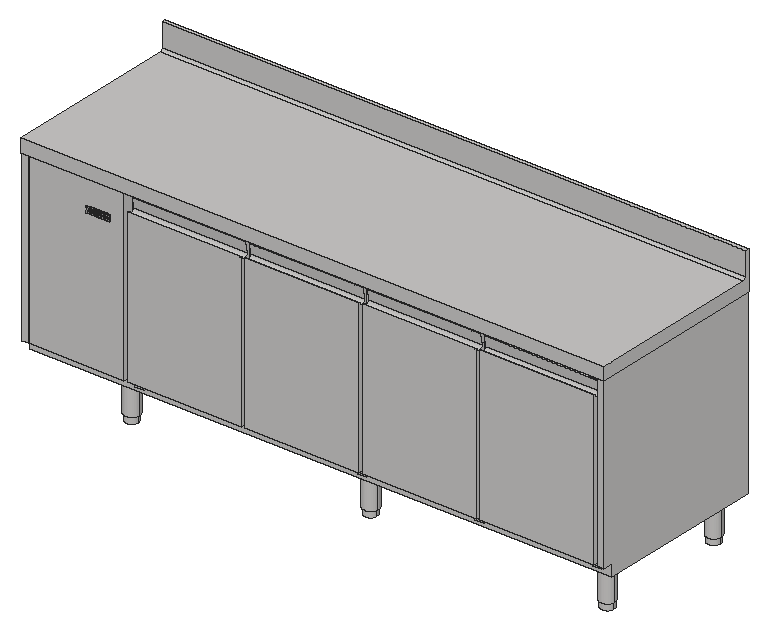
Revit family "QF_ZANUSSI_111054_ZH4H3AAAA", category Specialty Equipment, Revit 2018 (continued)
Definition of nested family "ZAN_Cooling Unit"
  Lines and regions (mm)
    Split face 127
      outline origin (55.016, 2, -269.136) x (0, 0, 1) y (-1, 0, 0)
        loop
          arc (510.649, 158.547) -> (506.648, 162.548) -> (502.647, 158.547) r 4.001
          line (502.647, 158.547) -> (502.647, 116.535)
          arc (502.647, 116.535) -> (506.648, 112.533) -> (510.649, 116.535) r 4.001
          line (510.649, 116.535) -> (510.649, 158.547)
    Split face 128
      outline origin (55.016, 2, -281.14) x (0, 0, 1) y (-1, 0, 0)
        loop
          arc (510.649, 158.547) -> (506.648, 162.548) -> (502.647, 158.547) r 4.001
          line (502.647, 158.547) -> (502.647, 116.535)
          arc (502.647, 116.535) -> (506.648, 112.533) -> (510.649, 116.535) r 4.001
          line (510.649, 116.535) -> (510.649, 158.547)
    Split face 129
      outline origin (55.016, 2, -293.144) x (0, 0, 1) y (-1, 0, 0)
        loop
          arc (510.649, 158.547) -> (506.648, 162.548) -> (502.647, 158.547) r 4.001
          line (502.647, 158.547) -> (502.647, 116.535)
          arc (502.647, 116.535) -> (506.648, 112.533) -> (510.649, 116.535) r 4.001
          line (510.649, 116.535) -> (510.649, 158.547)
    Split face 130
      outline origin (110.032, 2, -113.091) x (0, 0, 1) y (-1, 0, 0)
        loop
          arc (510.649, 158.547) -> (506.648, 162.548) -> (502.647, 158.547) r 4.001
          line (502.647, 158.547) -> (502.647, 116.535)
          arc (502.647, 116.535) -> (506.648, 112.533) -> (510.649, 116.535) r 4.001
          line (510.649, 116.535) -> (510.649, 158.547)
    Split face 131
      outline origin (110.032, 2, -125.094) x (0, 0, 1) y (-1, 0, 0)
        loop
          arc (510.649, 158.547) -> (506.648, 162.548) -> (502.647, 158.547) r 4.001
          line (502.647, 158.547) -> (502.647, 116.535)
          arc (502.647, 116.535) -> (506.648, 112.533) -> (510.649, 116.535) r 4.001
          line (510.649, 116.535) -> (510.649, 158.547)
    Split face 132
      outline origin (110.032, 2, -137.098) x (0, 0, 1) y (-1, 0, 0)
        loop
          arc (510.649, 158.547) -> (506.648, 162.548) -> (502.647, 158.547) r 4.001
          line (502.647, 158.547) -> (502.647, 116.535)
          arc (502.647, 116.535) -> (506.648, 112.533) -> (510.649, 116.535) r 4.001
          line (510.649, 116.535) -> (510.649, 158.547)
    Split face 133
      outline origin (110.032, 2, -149.101) x (0, 0, 1) y (-1, 0, 0)
        loop
          arc (510.649, 158.547) -> (506.648, 162.548) -> (502.647, 158.547) r 4.001
          line (502.647, 158.547) -> (502.647, 116.535)
          arc (502.647, 116.535) -> (506.648, 112.533) -> (510.649, 116.535) r 4.001
          line (510.649, 116.535) -> (510.649, 158.547)
    Split face 134
      outline origin (110.032, 2, -161.105) x (0, 0, 1) y (-1, 0, 0)
        loop
          arc (510.649, 158.547) -> (506.648, 162.548) -> (502.647, 158.547) r 4.001
          line (502.647, 158.547) -> (502.647, 116.535)
          arc (502.647, 116.535) -> (506.648, 112.533) -> (510.649, 116.535) r 4.001
          line (510.649, 116.535) -> (510.649, 158.547)
    Split face 135
      outline origin (110.032, 2, -173.108) x (0, 0, 1) y (-1, 0, 0)
        loop
          arc (510.649, 158.547) -> (506.648, 162.548) -> (502.647, 158.547) r 4.001
          line (502.647, 158.547) -> (502.647, 116.535)
          arc (502.647, 116.535) -> (506.648, 112.533) -> (510.649, 116.535) r 4.001
          line (510.649, 116.535) -> (510.649, 158.547)
    Split face 136
      outline origin (110.032, 2, -185.112) x (0, 0, 1) y (-1, 0, 0)
        loop
          arc (510.649, 158.547) -> (506.648, 162.548) -> (502.647, 158.547) r 4.001
          line (502.647, 158.547) -> (502.647, 116.535)
          arc (502.647, 116.535) -> (506.648, 112.533) -> (510.649, 116.535) r 4.001
          line (510.649, 116.535) -> (510.649, 158.547)
    Split face 137
      outline origin (110.032, 2, -197.115) x (0, 0, 1) y (-1, 0, 0)
        loop
          arc (510.649, 158.547) -> (506.648, 162.548) -> (502.647, 158.547) r 4.001
          line (502.647, 158.547) -> (502.647, 116.535)
          arc (502.647, 116.535) -> (506.648, 112.533) -> (510.649, 116.535) r 4.001
          line (510.649, 116.535) -> (510.649, 158.547)
    Split face 138
      outline origin (110.032, 2, -209.119) x (0, 0, 1) y (-1, 0, 0)
        loop
          arc (510.649, 158.547) -> (506.648, 162.548) -> (502.647, 158.547) r 4.001
          line (502.647, 158.547) -> (502.647, 116.535)
          arc (502.647, 116.535) -> (506.648, 112.533) -> (510.649, 116.535) r 4.001
          line (510.649, 116.535) -> (510.649, 158.547)
    Split face 139
      outline origin (110.032, 2, -221.122) x (0, 0, 1) y (-1, 0, 0)
        loop
          arc (510.649, 158.547) -> (506.648, 162.548) -> (502.647, 158.547) r 4.001
          line (502.647, 158.547) -> (502.647, 116.535)
          arc (502.647, 116.535) -> (506.648, 112.533) -> (510.649, 116.535) r 4.001
          line (510.649, 116.535) -> (510.649, 158.547)
    Split face 140
      outline origin (110.032, 2, -233.126) x (0, 0, 1) y (-1, 0, 0)
        loop
          arc (510.649, 158.547) -> (506.648, 162.548) -> (502.647, 158.547) r 4.001
          line (502.647, 158.547) -> (502.647, 116.535)
          arc (502.647, 116.535) -> (506.648, 112.533) -> (510.649, 116.535) r 4.001
          line (510.649, 116.535) -> (510.649, 158.547)
    Split face 141
      outline origin (110.032, 2, -245.129) x (0, 0, 1) y (-1, 0, 0)
        loop
          arc (510.649, 158.547) -> (506.648, 162.548) -> (502.647, 158.547) r 4.001
          line (502.647, 158.547) -> (502.647, 116.535)
          arc (502.647, 116.535) -> (506.648, 112.533) -> (510.649, 116.535) r 4.001
          line (510.649, 116.535) -> (510.649, 158.547)
    Split face 142
      outline origin (110.032, 2, -257.133) x (0, 0, 1) y (-1, 0, 0)
        loop
          arc (510.649, 158.547) -> (506.648, 162.548) -> (502.647, 158.547) r 4.001
          line (502.647, 158.547) -> (502.647, 116.535)
          arc (502.647, 116.535) -> (506.648, 112.533) -> (510.649, 116.535) r 4.001
          line (510.649, 116.535) -> (510.649, 158.547)
    Split face 143
      outline origin (110.032, 2, -269.136) x (0, 0, 1) y (-1, 0, 0)
        loop
          arc (510.649, 158.547) -> (506.648, 162.548) -> (502.647, 158.547) r 4.001
          line (502.647, 158.547) -> (502.647, 116.535)
          arc (502.647, 116.535) -> (506.648, 112.533) -> (510.649, 116.535) r 4.001
          line (510.649, 116.535) -> (510.649, 158.547)
    Split face 144
      outline origin (110.032, 2, -281.14) x (0, 0, 1) y (-1, 0, 0)
        loop
          arc (510.649, 158.547) -> (506.648, 162.548) -> (502.647, 158.547) r 4.001
          line (502.647, 158.547) -> (502.647, 116.535)
          arc (502.647, 116.535) -> (506.648, 112.533) -> (510.649, 116.535) r 4.001
          line (510.649, 116.535) -> (510.649, 158.547)
    Split face 145
      outline origin (110.032, 2, -293.144) x (0, 0, 1) y (-1, 0, 0)
        loop
          arc (510.649, 158.547) -> (506.648, 162.548) -> (502.647, 158.547) r 4.001
          line (502.647, 158.547) -> (502.647, 116.535)
          arc (502.647, 116.535) -> (506.648, 112.533) -> (510.649, 116.535) r 4.001
          line (510.649, 116.535) -> (510.649, 158.547)
    Split face 146
      outline origin (165.048, 2, -113.091) x (0, 0, 1) y (-1, 0, 0)
        loop
          arc (510.649, 158.547) -> (506.648, 162.548) -> (502.647, 158.547) r 4.001
          line (502.647, 158.547) -> (502.647, 116.535)
          arc (502.647, 116.535) -> (506.648, 112.533) -> (510.649, 116.535) r 4.001
          line (510.649, 116.535) -> (510.649, 158.547)
    Split face 147
      outline origin (165.048, 2, -125.094) x (0, 0, 1) y (-1, 0, 0)
        loop
          arc (510.649, 158.547) -> (506.648, 162.548) -> (502.647, 158.547) r 4.001
          line (502.647, 158.547) -> (502.647, 116.535)
          arc (502.647, 116.535) -> (506.648, 112.533) -> (510.649, 116.535) r 4.001
          line (510.649, 116.535) -> (510.649, 158.547)
    Split face 148
      outline origin (165.048, 2, -137.098) x (0, 0, 1) y (-1, 0, 0)
        loop
          arc (510.649, 158.547) -> (506.648, 162.548) -> (502.647, 158.547) r 4.001
          line (502.647, 158.547) -> (502.647, 116.535)
          arc (502.647, 116.535) -> (506.648, 112.533) -> (510.649, 116.535) r 4.001
          line (510.649, 116.535) -> (510.649, 158.547)
    Split face 149
      outline origin (165.048, 2, -149.101) x (0, 0, 1) y (-1, 0, 0)
        loop
          arc (510.649, 158.547) -> (506.648, 162.548) -> (502.647, 158.547) r 4.001
          line (502.647, 158.547) -> (502.647, 116.535)
          arc (502.647, 116.535) -> (506.648, 112.533) -> (510.649, 116.535) r 4.001
          line (510.649, 116.535) -> (510.649, 158.547)
    Split face 150
      outline origin (165.048, 2, -161.105) x (0, 0, 1) y (-1, 0, 0)
        loop
          arc (510.649, 158.547) -> (506.648, 162.548) -> (502.647, 158.547) r 4.001
          line (502.647, 158.547) -> (502.647, 116.535)
          arc (502.647, 116.535) -> (506.648, 112.533) -> (510.649, 116.535) r 4.001
          line (510.649, 116.535) -> (510.649, 158.547)
    Split face 151
      outline origin (165.048, 2, -173.108) x (0, 0, 1) y (-1, 0, 0)
        loop
          arc (510.649, 158.547) -> (506.648, 162.548) -> (502.647, 158.547) r 4.001
          line (502.647, 158.547) -> (502.647, 116.535)
          arc (502.647, 116.535) -> (506.648, 112.533) -> (510.649, 116.535) r 4.001
          line (510.649, 116.535) -> (510.649, 158.547)
    Split face 152
      outline origin (165.048, 2, -185.112) x (0, 0, 1) y (-1, 0, 0)
        loop
          arc (510.649, 158.547) -> (506.648, 162.548) -> (502.647, 158.547) r 4.001
          line (502.647, 158.547) -> (502.647, 116.535)
          arc (502.647, 116.535) -> (506.648, 112.533) -> (510.649, 116.535) r 4.001
          line (510.649, 116.535) -> (510.649, 158.547)
    Split face 153
      outline origin (165.048, 2, -197.115) x (0, 0, 1) y (-1, 0, 0)
        loop
          arc (510.649, 158.547) -> (506.648, 162.548) -> (502.647, 158.547) r 4.001
          line (502.647, 158.547) -> (502.647, 116.535)
          arc (502.647, 116.535) -> (506.648, 112.533) -> (510.649, 116.535) r 4.001
          line (510.649, 116.535) -> (510.649, 158.547)
    Split face 154
      outline origin (165.048, 2, -209.119) x (0, 0, 1) y (-1, 0, 0)
        loop
          arc (510.649, 158.547) -> (506.648, 162.548) -> (502.647, 158.547) r 4.001
          line (502.647, 158.547) -> (502.647, 116.535)
          arc (502.647, 116.535) -> (506.648, 112.533) -> (510.649, 116.535) r 4.001
          line (510.649, 116.535) -> (510.649, 158.547)
    Split face 155
      outline origin (165.048, 2, -221.122) x (0, 0, 1) y (-1, 0, 0)
        loop
          arc (510.649, 158.547) -> (506.648, 162.548) -> (502.647, 158.547) r 4.001
          line (502.647, 158.547) -> (502.647, 116.535)
          arc (502.647, 116.535) -> (506.648, 112.533) -> (510.649, 116.535) r 4.001
          line (510.649, 116.535) -> (510.649, 158.547)
    Split face 156
      outline origin (165.048, 2, -233.126) x (0, 0, 1) y (-1, 0, 0)
        loop
          arc (510.649, 158.547) -> (506.648, 162.548) -> (502.647, 158.547) r 4.001
          line (502.647, 158.547) -> (502.647, 116.535)
          arc (502.647, 116.535) -> (506.648, 112.533) -> (510.649, 116.535) r 4.001
          line (510.649, 116.535) -> (510.649, 158.547)
    Split face 157
      outline origin (165.048, 2, -245.129) x (0, 0, 1) y (-1, 0, 0)
        loop
          arc (510.649, 158.547) -> (506.648, 162.548) -> (502.647, 158.547) r 4.001
          line (502.647, 158.547) -> (502.647, 116.535)
          arc (502.647, 116.535) -> (506.648, 112.533) -> (510.649, 116.535) r 4.001
          line (510.649, 116.535) -> (510.649, 158.547)
    Split face 158
      outline origin (165.048, 2, -257.133) x (0, 0, 1) y (-1, 0, 0)
        loop
          arc (510.649, 158.547) -> (506.648, 162.548) -> (502.647, 158.547) r 4.001
          line (502.647, 158.547) -> (502.647, 116.535)
          arc (502.647, 116.535) -> (506.648, 112.533) -> (510.649, 116.535) r 4.001
          line (510.649, 116.535) -> (510.649, 158.547)
    Split face 159
      outline origin (165.048, 2, -269.136) x (0, 0, 1) y (-1, 0, 0)
        loop
          arc (510.649, 158.547) -> (506.648, 162.548) -> (502.647, 158.547) r 4.001
          line (502.647, 158.547) -> (502.647, 116.535)
          arc (502.647, 116.535) -> (506.648, 112.533) -> (510.649, 116.535) r 4.001
          line (510.649, 116.535) -> (510.649, 158.547)
    Split face 160
      outline origin (165.048, 2, -281.14) x (0, 0, 1) y (-1, 0, 0)
        loop
          arc (510.649, 158.547) -> (506.648, 162.548) -> (502.647, 158.547) r 4.001
          line (502.647, 158.547) -> (502.647, 116.535)
          arc (502.647, 116.535) -> (506.648, 112.533) -> (510.649, 116.535) r 4.001
          line (510.649, 116.535) -> (510.649, 158.547)
    Split face 161
      outline origin (165.048, 2, -293.144) x (0, 0, 1) y (-1, 0, 0)
        loop
          arc (510.649, 158.547) -> (506.648, 162.548) -> (502.647, 158.547) r 4.001
          line (502.647, 158.547) -> (502.647, 116.535)
          arc (502.647, 116.535) -> (506.648, 112.533) -> (510.649, 116.535) r 4.001
          line (510.649, 116.535) -> (510.649, 158.547)
    Split face 162
      outline origin (220.064, 2, -113.091) x (0, 0, 1) y (-1, 0, 0)
        loop
          arc (510.649, 158.547) -> (506.648, 162.548) -> (502.647, 158.547) r 4.001
          line (502.647, 158.547) -> (502.647, 116.535)
          arc (502.647, 116.535) -> (506.648, 112.533) -> (510.649, 116.535) r 4.001
          line (510.649, 116.535) -> (510.649, 158.547)
    Split face 163
      outline origin (220.064, 2, -125.094) x (0, 0, 1) y (-1, 0, 0)
        loop
          arc (510.649, 158.547) -> (506.648, 162.548) -> (502.647, 158.547) r 4.001
          line (502.647, 158.547) -> (502.647, 116.535)
          arc (502.647, 116.535) -> (506.648, 112.533) -> (510.649, 116.535) r 4.001
          line (510.649, 116.535) -> (510.649, 158.547)
    Split face 164
      outline origin (220.064, 2, -137.098) x (0, 0, 1) y (-1, 0, 0)
        loop
          arc (510.649, 158.547) -> (506.648, 162.548) -> (502.647, 158.547) r 4.001
          line (502.647, 158.547) -> (502.647, 116.535)
          arc (502.647, 116.535) -> (506.648, 112.533) -> (510.649, 116.535) r 4.001
          line (510.649, 116.535) -> (510.649, 158.547)
    Split face 165
      outline origin (220.064, 2, -149.101) x (0, 0, 1) y (-1, 0, 0)
        loop
          arc (510.649, 158.547) -> (506.648, 162.548) -> (502.647, 158.547) r 4.001
          line (502.647, 158.547) -> (502.647, 116.535)
          arc (502.647, 116.535) -> (506.648, 112.533) -> (510.649, 116.535) r 4.001
          line (510.649, 116.535) -> (510.649, 158.547)
    Split face 166
      outline origin (220.064, 2, -161.105) x (0, 0, 1) y (-1, 0, 0)
        loop
          arc (510.649, 158.547) -> (506.648, 162.548) -> (502.647, 158.547) r 4.001
          line (502.647, 158.547) -> (502.647, 116.535)
          arc (502.647, 116.535) -> (506.648, 112.533) -> (510.649, 116.535) r 4.001
          line (510.649, 116.535) -> (510.649, 158.547)
    Split face 167
      outline origin (220.064, 2, -173.108) x (0, 0, 1) y (-1, 0, 0)
        loop
          arc (510.649, 158.547) -> (506.648, 162.548) -> (502.647, 158.547) r 4.001
          line (502.647, 158.547) -> (502.647, 116.535)
          arc (502.647, 116.535) -> (506.648, 112.533) -> (510.649, 116.535) r 4.001
          line (510.649, 116.535) -> (510.649, 158.547)
    Split face 168
      outline origin (220.064, 2, -185.112) x (0, 0, 1) y (-1, 0, 0)
        loop
          arc (510.649, 158.547) -> (506.648, 162.548) -> (502.647, 158.547) r 4.001
          line (502.647, 158.547) -> (502.647, 116.535)
          arc (502.647, 116.535) -> (506.648, 112.533) -> (510.649, 116.535) r 4.001
          line (510.649, 116.535) -> (510.649, 158.547)
    Split face 169
      outline origin (220.064, 2, -197.115) x (0, 0, 1) y (-1, 0, 0)
        loop
          arc (510.649, 158.547) -> (506.648, 162.548) -> (502.647, 158.547) r 4.001
          line (502.647, 158.547) -> (502.647, 116.535)
          arc (502.647, 116.535) -> (506.648, 112.533) -> (510.649, 116.535) r 4.001
          line (510.649, 116.535) -> (510.649, 158.547)
    Split face 170
      outline origin (220.064, 2, -209.119) x (0, 0, 1) y (-1, 0, 0)
        loop
          arc (510.649, 158.547) -> (506.648, 162.548) -> (502.647, 158.547) r 4.001
          line (502.647, 158.547) -> (502.647, 116.535)
          arc (502.647, 116.535) -> (506.648, 112.533) -> (510.649, 116.535) r 4.001
          line (510.649, 116.535) -> (510.649, 158.547)
    Split face 171
      outline origin (220.064, 2, -221.122) x (0, 0, 1) y (-1, 0, 0)
        loop
          arc (510.649, 158.547) -> (506.648, 162.548) -> (502.647, 158.547) r 4.001
          line (502.647, 158.547) -> (502.647, 116.535)
          arc (502.647, 116.535) -> (506.648, 112.533) -> (510.649, 116.535) r 4.001
          line (510.649, 116.535) -> (510.649, 158.547)
    Split face 172
      outline origin (220.064, 2, -233.126) x (0, 0, 1) y (-1, 0, 0)
        loop
          arc (510.649, 158.547) -> (506.648, 162.548) -> (502.647, 158.547) r 4.001
          line (502.647, 158.547) -> (502.647, 116.535)
          arc (502.647, 116.535) -> (506.648, 112.533) -> (510.649, 116.535) r 4.001
          line (510.649, 116.535) -> (510.649, 158.547)
    Split face 173
      outline origin (220.064, 2, -245.129) x (0, 0, 1) y (-1, 0, 0)
        loop
          arc (510.649, 158.547) -> (506.648, 162.548) -> (502.647, 158.547) r 4.001
          line (502.647, 158.547) -> (502.647, 116.535)
          arc (502.647, 116.535) -> (506.648, 112.533) -> (510.649, 116.535) r 4.001
          line (510.649, 116.535) -> (510.649, 158.547)
    Split face 174
      outline origin (220.064, 2, -257.133) x (0, 0, 1) y (-1, 0, 0)
        loop
          arc (510.649, 158.547) -> (506.648, 162.548) -> (502.647, 158.547) r 4.001
          line (502.647, 158.547) -> (502.647, 116.535)
          arc (502.647, 116.535) -> (506.648, 112.533) -> (510.649, 116.535) r 4.001
          line (510.649, 116.535) -> (510.649, 158.547)
    Split face 175
      outline origin (220.064, 2, -269.136) x (0, 0, 1) y (-1, 0, 0)
        loop
          arc (510.649, 158.547) -> (506.648, 162.548) -> (502.647, 158.547) r 4.001
          line (502.647, 158.547) -> (502.647, 116.535)
          arc (502.647, 116.535) -> (506.648, 112.533) -> (510.649, 116.535) r 4.001
          line (510.649, 116.535) -> (510.649, 158.547)
    Split face 176
      outline origin (220.064, 2, -281.14) x (0, 0, 1) y (-1, 0, 0)
        loop
          arc (510.649, 158.547) -> (506.648, 162.548) -> (502.647, 158.547) r 4.001
          line (502.647, 158.547) -> (502.647, 116.535)
          arc (502.647, 116.535) -> (506.648, 112.533) -> (510.649, 116.535) r 4.001
          line (510.649, 116.535) -> (510.649, 158.547)
    Split face 177
      outline origin (220.064, 2, -293.144) x (0, 0, 1) y (-1, 0, 0)
        loop
          arc (510.649, 158.547) -> (506.648, 162.548) -> (502.647, 158.547) r 4.001
          line (502.647, 158.547) -> (502.647, 116.535)
          arc (502.647, 116.535) -> (506.648, 112.533) -> (510.649, 116.535) r 4.001
          line (510.649, 116.535) -> (510.649, 158.547)
    Split face 178
      outline origin (275.081, 2, -113.091) x (0, 0, 1) y (-1, 0, 0)
        loop
          arc (510.649, 158.547) -> (506.648, 162.548) -> (502.647, 158.547) r 4.001
          line (502.647, 158.547) -> (502.647, 116.535)
          arc (502.647, 116.535) -> (506.648, 112.533) -> (510.649, 116.535) r 4.001
          line (510.649, 116.535) -> (510.649, 158.547)
    Split face 179
      outline origin (275.081, 2, -125.094) x (0, 0, 1) y (-1, 0, 0)
        loop
          arc (510.649, 158.547) -> (506.648, 162.548) -> (502.647, 158.547) r 4.001
          line (502.647, 158.547) -> (502.647, 116.535)
          arc (502.647, 116.535) -> (506.648, 112.533) -> (510.649, 116.535) r 4.001
          line (510.649, 116.535) -> (510.649, 158.547)
    Split face 180
      outline origin (275.081, 2, -137.098) x (0, 0, 1) y (-1, 0, 0)
        loop
          arc (510.649, 158.547) -> (506.648, 162.548) -> (502.647, 158.547) r 4.001
          line (502.647, 158.547) -> (502.647, 116.535)
          arc (502.647, 116.535) -> (506.648, 112.533) -> (510.649, 116.535) r 4.001
          line (510.649, 116.535) -> (510.649, 158.547)
    Split face 181
      outline origin (275.081, 2, -149.101) x (0, 0, 1) y (-1, 0, 0)
        loop
          arc (510.649, 158.547) -> (506.648, 162.548) -> (502.647, 158.547) r 4.001
          line (502.647, 158.547) -> (502.647, 116.535)
          arc (502.647, 116.535) -> (506.648, 112.533) -> (510.649, 116.535) r 4.001
          line (510.649, 116.535) -> (510.649, 158.547)
    Split face 182
      outline origin (275.081, 2, -161.105) x (0, 0, 1) y (-1, 0, 0)
        loop
          arc (510.649, 158.547) -> (506.648, 162.548) -> (502.647, 158.547) r 4.001
          line (502.647, 158.547) -> (502.647, 116.535)
          arc (502.647, 116.535) -> (506.648, 112.533) -> (510.649, 116.535) r 4.001
          line (510.649, 116.535) -> (510.649, 158.547)
    Split face 183
      outline origin (275.081, 2, -173.108) x (0, 0, 1) y (-1, 0, 0)
        loop
          arc (510.649, 158.547) -> (506.648, 162.548) -> (502.647, 158.547) r 4.001
          line (502.647, 158.547) -> (502.647, 116.535)
          arc (502.647, 116.535) -> (506.648, 112.533) -> (510.649, 116.535) r 4.001
          line (510.649, 116.535) -> (510.649, 158.547)
    Split face 184
      outline origin (275.081, 2, -185.112) x (0, 0, 1) y (-1, 0, 0)
        loop
          arc (510.649, 158.547) -> (506.648, 162.548) -> (502.647, 158.547) r 4.001
          line (502.647, 158.547) -> (502.647, 116.535)
          arc (502.647, 116.535) -> (506.648, 112.533) -> (510.649, 116.535) r 4.001
          line (510.649, 116.535) -> (510.649, 158.547)
    Split face 185
      outline origin (275.081, 2, -197.115) x (0, 0, 1) y (-1, 0, 0)
        loop
          arc (510.649, 158.547) -> (506.648, 162.548) -> (502.647, 158.547) r 4.001
          line (502.647, 158.547) -> (502.647, 116.535)
          arc (502.647, 116.535) -> (506.648, 112.533) -> (510.649, 116.535) r 4.001
          line (510.649, 116.535) -> (510.649, 158.547)
    Split face 186
      outline origin (275.081, 2, -209.119) x (0, 0, 1) y (-1, 0, 0)
        loop
          arc (510.649, 158.547) -> (506.648, 162.548) -> (502.647, 158.547) r 4.001
          line (502.647, 158.547) -> (502.647, 116.535)
          arc (502.647, 116.535) -> (506.648, 112.533) -> (510.649, 116.535) r 4.001
          line (510.649, 116.535) -> (510.649, 158.547)
    Split face 187
      outline origin (275.081, 2, -221.122) x (0, 0, 1) y (-1, 0, 0)
        loop
          arc (510.649, 158.547) -> (506.648, 162.548) -> (502.647, 158.547) r 4.001
          line (502.647, 158.547) -> (502.647, 116.535)
          arc (502.647, 116.535) -> (506.648, 112.533) -> (510.649, 116.535) r 4.001
          line (510.649, 116.535) -> (510.649, 158.547)
    Split face 188
      outline origin (275.081, 2, -233.126) x (0, 0, 1) y (-1, 0, 0)
        loop
          arc (510.649, 158.547) -> (506.648, 162.548) -> (502.647, 158.547) r 4.001
          line (502.647, 158.547) -> (502.647, 116.535)
          arc (502.647, 116.535) -> (506.648, 112.533) -> (510.649, 116.535) r 4.001
          line (510.649, 116.535) -> (510.649, 158.547)
    Split face 189
      outline origin (275.081, 2, -245.129) x (0, 0, 1) y (-1, 0, 0)
        loop
          arc (510.649, 158.547) -> (506.648, 162.548) -> (502.647, 158.547) r 4.001
          line (502.647, 158.547) -> (502.647, 116.535)
          arc (502.647, 116.535) -> (506.648, 112.533) -> (510.649, 116.535) r 4.001
          line (510.649, 116.535) -> (510.649, 158.547)
    Split face 190
      outline origin (275.081, 2, -257.133) x (0, 0, 1) y (-1, 0, 0)
        loop
          arc (510.649, 158.547) -> (506.648, 162.548) -> (502.647, 158.547) r 4.001
          line (502.647, 158.547) -> (502.647, 116.535)
          arc (502.647, 116.535) -> (506.648, 112.533) -> (510.649, 116.535) r 4.001
          line (510.649, 116.535) -> (510.649, 158.547)
    Split face 191
      outline origin (275.081, 2, -269.136) x (0, 0, 1) y (-1, 0, 0)
        loop
          arc (510.649, 158.547) -> (506.648, 162.548) -> (502.647, 158.547) r 4.001
          line (502.647, 158.547) -> (502.647, 116.535)
          arc (502.647, 116.535) -> (506.648, 112.533) -> (510.649, 116.535) r 4.001
          line (510.649, 116.535) -> (510.649, 158.547)
    Split face 192
      outline origin (275.081, 2, -281.14) x (0, 0, 1) y (-1, 0, 0)
        loop
          arc (510.649, 158.547) -> (506.648, 162.548) -> (502.647, 158.547) r 4.001
          line (502.647, 158.547) -> (502.647, 116.535)
          arc (502.647, 116.535) -> (506.648, 112.533) -> (510.649, 116.535) r 4.001
          line (510.649, 116.535) -> (510.649, 158.547)
    Split face 193
      outline origin (275.081, 2, -293.144) x (0, 0, 1) y (-1, 0, 0)
        loop
          arc (510.649, 158.547) -> (506.648, 162.548) -> (502.647, 158.547) r 4.001
          line (502.647, 158.547) -> (502.647, 116.535)
          arc (502.647, 116.535) -> (506.648, 112.533) -> (510.649, 116.535) r 4.001
          line (510.649, 116.535) -> (510.649, 158.547)
    Split face 194
      outline origin (0, 2, 197) x (0, 0, 1) y (-1, 0, 0)
        loop
          spline (566.835, 20.381) -> (564.628, 19.058) -> (561.987, 18.027) -> (558.955, 17.386) -> (555.581, 17.244) -> (551.912, 17.703) -> (547.993, 18.863) -> (543.871, 20.83) -> (539.591, 23.706) -> (535.202, 27.594) -> (530.748, 32.597) -> (526.28, 38.824) -> (521.835, 46.362)
        loop
          spline (521.835, 58.392) -> (525.386, 49.242) -> (529.197, 41.481) -> (533.2, 35.023) -> (537.329, 29.786) -> (541.516, 25.684) -> (545.695, 22.634) -> (549.798, 20.552) -> (553.759, 19.355) -> (557.511, 18.958) -> (560.984, 19.275) -> (564.115, 20.227) -> (566.835, 21.726)
    Split face 195
      outline origin (0, 2, 197) x (0, 0, 1) y (-1, 0, 0)
        loop
          line (555.835, 149.5) -> (532.835, 149.5) -> (532.835, 94.5) -> (555.835, 94.5) -> (555.835, 149.5)
  Dimensions and locks
    aligned and locked: level to plane 2
  Nested families
    nested 1: "ZAN_Logo_S_Grey" at (85, 2, 741.213) x (1, 0, 0) z (0, -1, 0), visible <- "Show Logo", type "ZAN_Logo_S_Grey"
  Definition of nested family "ZAN_Logo_S_Grey"
    Parameters
      Default Elevation = 0 mm
    Reference planes
      plane 1 "Centro (Fronte/Retro)": y = 0
      plane 2: z = 0
      plane 3 "Centro (Sinistra/Destra)": x = 0
    Forms (mm)
      Extrusion 1, solid
        sketch origin (0, 0, 0) x (1, 0, 0) y (0, 1, 0)
          loop
            line (-1219.2, 1219.2) -> (-1219.2, -1219.2) -> (1219.2, -1219.2) -> (1219.2, 1219.2) -> (-1219.2, 1219.2)
        from 0 to -304.8
      Extrusion 2, solid
        sketch origin (17.793, -46.218, 0) x (-1, 0, 0) y (0, -1, 0)
          loop
            spline (-4.176, -58.079) -> (-3.496, -58.328) -> (-2.793, -58.512) -> (-2.075, -58.63) -> (-1.348, -58.682) -> (-0.619, -58.669) -> (0.106, -58.588) -> (0.818, -58.44) -> (1.512, -58.225) -> (2.18, -57.941) -> (2.817, -57.589) -> (3.414, -57.167) -> (3.966, -56.676)
            spline (3.966, -56.676) -> (4.293, -56.162) -> (4.575, -55.61) -> (4.81, -55.026) -> (5, -54.419) -> (5.146, -53.797) -> (5.247, -53.166) -> (5.304, -52.536) -> (5.318, -51.913) -> (5.288, -51.306) -> (5.217, -50.723) -> (5.103, -50.17) -> (4.949, -49.657)
            line (4.949, -49.657) -> (2.702, -46.428) -> (0.316, -44.323)
            spline (0.316, -44.323) -> (0.065, -44.115) -> (-0.195, -43.909) -> (-0.46, -43.704) -> (-0.729, -43.496) -> (-0.997, -43.282) -> (-1.263, -43.059) -> (-1.523, -42.825) -> (-1.774, -42.576) -> (-2.013, -42.309) -> (-2.238, -42.022) -> (-2.445, -41.712) -> (-2.632, -41.375)
            spline (-2.632, -41.375) -> (-2.666, -41.159) -> (-2.697, -40.934) -> (-2.722, -40.701) -> (-2.736, -40.465) -> (-2.736, -40.227) -> (-2.72, -39.989) -> (-2.682, -39.754) -> (-2.621, -39.524) -> (-2.533, -39.302) -> (-2.414, -39.091) -> (-2.261, -38.892) -> (-2.07, -38.708)
            line (-2.07, -38.708) -> (-0.245, -38.567)
            spline (-0.245, -38.567) -> (0.096, -38.8) -> (0.354, -39.074) -> (0.54, -39.381) -> (0.664, -39.716) -> (0.738, -40.073) -> (0.772, -40.445) -> (0.777, -40.825) -> (0.763, -41.208) -> (0.742, -41.588) -> (0.723, -41.957) -> (0.718, -42.309) -> (0.737, -42.638)
            line (0.737, -42.638) -> (5.65, -42.638)
            spline (5.65, -42.638) -> (5.708, -42.042) -> (5.741, -41.448) -> (5.747, -40.857) -> (5.723, -40.273) -> (5.668, -39.696) -> (5.58, -39.129) -> (5.457, -38.574) -> (5.297, -38.032) -> (5.098, -37.506) -> (4.857, -36.997) -> (4.574, -36.508) -> (4.247, -36.041)
            spline (4.247, -36.041) -> (3.844, -35.675) -> (3.409, -35.35) -> (2.946, -35.065) -> (2.458, -34.819) -> (1.949, -34.612) -> (1.421, -34.444) -> (0.88, -34.314) -> (0.326, -34.221) -> (-0.234, -34.165) -> (-0.8, -34.146) -> (-1.366, -34.163) -> (-1.93, -34.216)
            spline (-1.93, -34.216) -> (-2.526, -34.309) -> (-3.116, -34.448) -> (-3.695, -34.633) -> (-4.259, -34.861) -> (-4.801, -35.131) -> (-5.316, -35.444) -> (-5.799, -35.798) -> (-6.245, -36.191) -> (-6.648, -36.624) -> (-7.002, -37.095) -> (-7.303, -37.603) -> (-7.545, -38.146)
            spline (-7.545, -38.146) -> (-7.694, -38.815) -> (-7.792, -39.487) -> (-7.839, -40.158) -> (-7.836, -40.824) -> (-7.785, -41.482) -> (-7.685, -42.129) -> (-7.539, -42.762) -> (-7.347, -43.377) -> (-7.111, -43.97) -> (-6.83, -44.538) -> (-6.506, -45.078) -> (-6.141, -45.586)
            line (-6.141, -45.586) -> (-0.526, -50.64) -> (0.176, -51.482)
            spline (0.176, -51.482) -> (0.248, -51.66) -> (0.323, -51.843) -> (0.397, -52.03) -> (0.467, -52.22) -> (0.529, -52.412) -> (0.579, -52.605) -> (0.615, -52.798) -> (0.633, -52.989) -> (0.63, -53.179) -> (0.601, -53.366) -> (0.545, -53.55) -> (0.456, -53.728)
            spline (0.456, -53.728) -> (0.375, -53.892) -> (0.273, -54.034) -> (0.154, -54.155) -> (0.02, -54.258) -> (-0.126, -54.343) -> (-0.28, -54.412) -> (-0.441, -54.466) -> (-0.604, -54.508) -> (-0.767, -54.537) -> (-0.928, -54.556) -> (-1.082, -54.567) -> (-1.228, -54.57)
            line (-1.228, -54.57) -> (-2.632, -53.587) -> (-2.772, -50.64) -> (-7.405, -50.64)
            spline (-7.405, -50.64) -> (-7.41, -51.031) -> (-7.423, -51.432) -> (-7.44, -51.839) -> (-7.456, -52.251) -> (-7.469, -52.665) -> (-7.475, -53.079) -> (-7.468, -53.489) -> (-7.446, -53.894) -> (-7.404, -54.291) -> (-7.339, -54.679) -> (-7.247, -55.053) -> (-7.123, -55.412)
            spline (-7.123, -55.412) -> (-6.999, -55.693) -> (-6.837, -55.97) -> (-6.643, -56.244) -> (-6.422, -56.509) -> (-6.177, -56.765) -> (-5.913, -57.009) -> (-5.634, -57.238) -> (-5.346, -57.45) -> (-5.051, -57.643) -> (-4.755, -57.814) -> (-4.462, -57.96) -> (-4.176, -58.079)
          loop
            spline (-21.021, -55.552) -> (-20.633, -56.181) -> (-20.177, -56.736) -> (-19.661, -57.217) -> (-19.092, -57.627) -> (-18.478, -57.966) -> (-17.827, -58.237) -> (-17.147, -58.441) -> (-16.446, -58.578) -> (-15.73, -58.652) -> (-15.009, -58.662) -> (-14.29, -58.611) -> (-13.581, -58.5)
            spline (-13.581, -58.5) -> (-13.088, -58.407) -> (-12.595, -58.269) -> (-12.109, -58.088) -> (-11.636, -57.866) -> (-11.183, -57.605) -> (-10.756, -57.307) -> (-10.361, -56.974) -> (-10.004, -56.608) -> (-9.692, -56.211) -> (-9.431, -55.784) -> (-9.228, -55.33) -> (-9.089, -54.851)
            spline (-9.089, -54.851) -> (-8.873, -54.211) -> (-8.715, -53.559) -> (-8.615, -52.901) -> (-8.574, -52.241) -> (-8.592, -51.585) -> (-8.668, -50.938) -> (-8.802, -50.306) -> (-8.995, -49.693) -> (-9.247, -49.106) -> (-9.557, -48.55) -> (-9.925, -48.03) -> (-10.352, -47.551)
            line (-10.352, -47.551) -> (-15.546, -42.919) -> (-16.669, -41.234)
            spline (-16.669, -41.234) -> (-16.704, -41.021) -> (-16.735, -40.804) -> (-16.761, -40.583) -> (-16.778, -40.361) -> (-16.784, -40.139) -> (-16.774, -39.919) -> (-16.748, -39.701) -> (-16.7, -39.488) -> (-16.63, -39.28) -> (-16.533, -39.08) -> (-16.406, -38.889) -> (-16.248, -38.708)
            line (-16.248, -38.708) -> (-14.844, -38.427)
            spline (-14.844, -38.427) -> (-14.347, -38.545) -> (-13.969, -38.749) -> (-13.695, -39.028) -> (-13.508, -39.368) -> (-13.393, -39.757) -> (-13.335, -40.182) -> (-13.318, -40.63) -> (-13.326, -41.089) -> (-13.344, -41.546) -> (-13.356, -41.988) -> (-13.347, -42.403) -> (-13.3, -42.779)
            line (-13.3, -42.779) -> (-8.387, -42.638)
            spline (-8.387, -42.638) -> (-8.326, -42.034) -> (-8.288, -41.417) -> (-8.277, -40.794) -> (-8.299, -40.169) -> (-8.357, -39.548) -> (-8.457, -38.936) -> (-8.604, -38.339) -> (-8.803, -37.762) -> (-9.058, -37.21) -> (-9.375, -36.689) -> (-9.758, -36.204) -> (-10.212, -35.76)
            spline (-10.212, -35.76) -> (-10.793, -35.336) -> (-11.409, -34.976) -> (-12.054, -34.679) -> (-12.723, -34.445) -> (-13.409, -34.273) -> (-14.107, -34.163) -> (-14.811, -34.115) -> (-15.515, -34.127) -> (-16.213, -34.2) -> (-16.899, -34.333) -> (-17.568, -34.526) -> (-18.213, -34.777)
            spline (-18.213, -34.777) -> (-18.496, -34.897) -> (-18.783, -35.044) -> (-19.071, -35.216) -> (-19.357, -35.412) -> (-19.639, -35.629) -> (-19.915, -35.865) -> (-20.182, -36.119) -> (-20.438, -36.389) -> (-20.681, -36.672) -> (-20.907, -36.967) -> (-21.115, -37.272) -> (-21.301, -37.585)
            spline (-21.301, -37.585) -> (-21.55, -38.26) -> (-21.734, -38.948) -> (-21.854, -39.647) -> (-21.91, -40.351) -> (-21.901, -41.057) -> (-21.828, -41.761) -> (-21.69, -42.459) -> (-21.489, -43.148) -> (-21.222, -43.823) -> (-20.892, -44.48) -> (-20.497, -45.116) -> (-20.038, -45.726)
            line (-20.038, -45.726) -> (-14.142, -51.061) -> (-13.44, -52.886) -> (-14.002, -54.289) -> (-15.265, -54.57) -> (-16.669, -53.587) -> (-16.81, -50.78) -> (-21.582, -50.64)
            spline (-21.582, -50.64) -> (-21.558, -51.063) -> (-21.55, -51.491) -> (-21.554, -51.92) -> (-21.561, -52.35) -> (-21.567, -52.778) -> (-21.565, -53.201) -> (-21.547, -53.619) -> (-21.509, -54.029) -> (-21.444, -54.43) -> (-21.345, -54.818) -> (-21.206, -55.193) -> (-21.021, -55.552)
          loop
            line (-22.424, -34.216) -> (-27.337, -34.216) -> (-27.337, -58.22) -> (-22.424, -58.22) -> (-22.424, -34.216)
          loop
            line (14.213, -39.971) -> (14.213, -58.22) -> (19.126, -58.22) -> (19.126, -42.077) -> (18.845, -38.146) -> (18.424, -37.164) -> (17.442, -35.9) -> (16.459, -35.199) -> (14.494, -34.356) -> (13.511, -34.216) -> (11.265, -34.216) -> (10.142, -34.497) -> (8.458, -35.479) -> (6.493, -38.287) -> (6.352, -39.269) -> (6.352, -58.22) -> (11.265, -58.22) -> (11.265, -40.392) -> (11.827, -39.129) -> (13.371, -38.988) -> (14.213, -39.971)
          loop
            line (20.249, -58.22) -> (24.741, -58.22) -> (24.741, -42.919) -> (28.812, -58.22) -> (34.006, -58.22) -> (34.006, -34.216) -> (29.654, -34.216) -> (29.654, -50.078) -> (25.583, -34.216) -> (20.249, -34.216) -> (20.249, -58.22)
          loop
            line (50.149, -58.22) -> (62.361, -58.22) -> (62.361, -53.728) -> (55.904, -53.868) -> (62.923, -39.129) -> (62.923, -34.216) -> (50.149, -34.216) -> (50.149, -39.129) -> (57.517, -39.129) -> (50.149, -54.149) -> (50.149, -58.22)
          loop
            line (38.778, -58.22) -> (45.516, -58.22) -> (49.868, -34.216) -> (44.814, -34.216) -> (44.113, -38.848) -> (40.042, -38.848) -> (39.34, -34.216) -> (34.286, -34.216) -> (38.778, -58.22)
          loop
            line (43.551, -43.2) -> (40.744, -43.2) -> (42.147, -54.117) -> (43.551, -43.2)
        from 0 to 1.644
    Dimensions and locks
      aligned and locked: plane 2 to Extrusion 1
      aligned and locked: level to Extrusion 1
Definition of nested family "Refrigerator"
  Reference planes
    plane 1 "Center (Front/Back)": y = 0
    plane 2: z = 0
    plane 3 "Center (Left/Right)": x = 0
  Lines and regions (mm)
    detail lines, in view "Ref. Level"
      curve 1: spline (-500, 190, 0) -> (-493.185, 166.706, 0) -> (-473.205, 145, 0) -> (-441.421, 126.36, 0) -> (-400, 112.058, 0) -> (-351.764, 103.067, 0) -> (-300, 100, 0) -> (-248.236, 103.067, 0) -> (-200, 112.058, 0) -> (-158.579, 126.36, 0) -> (-126.795, 145, 0) -> (-106.815, 166.706, 0) -> (-100, 190, 0) -> (-106.815, 213.294, 0) -> (-126.795, 235, 0) -> (-158.579, 253.64, 0) -> (-200, 267.942, 0) -> (-248.236, 276.933, 0) -> (-300, 280, 0) -> (-351.764, 276.933, 0) -> (-400, 267.942, 0) -> (-441.421, 253.64, 0) -> (-473.205, 235, 0) -> (-493.185, 213.294, 0) -> (-500, 190, 0)
      curve 2: line (-300, 130, 0) -> (-300, 250, 0)
      curve 3: line (-351.962, 220, 0) -> (-248.038, 160, 0)
      curve 4: line (-351.962, 160, 0) -> (-248.038, 220, 0)
      curve 5: line (-280.884, 246.873, 0) -> (-300, 225, 0)
      curve 6: line (-300, 225, 0) -> (-319.116, 246.873, 0)
      curve 7: line (-330.311, 207.5, 0) -> (-339.696, 234.992, 0)
      curve 8: line (-358.812, 201.882, 0) -> (-330.311, 207.5, 0)
      curve 9: line (-330.311, 172.5, 0) -> (-358.812, 178.118, 0)
      curve 10: line (-339.696, 145.008, 0) -> (-330.311, 172.5, 0)
      curve 11: line (-300, 155, 0) -> (-319.116, 133.127, 0)
      curve 12: line (-280.884, 133.127, 0) -> (-300, 155, 0)
      curve 13: line (-269.689, 172.5, 0) -> (-260.304, 145.008, 0)
      curve 14: line (-241.188, 178.118, 0) -> (-269.689, 172.5, 0)
      curve 15: line (-269.689, 207.5, 0) -> (-241.188, 201.882, 0)
      curve 16: line (-260.304, 234.992, 0) -> (-269.689, 207.5, 0)
